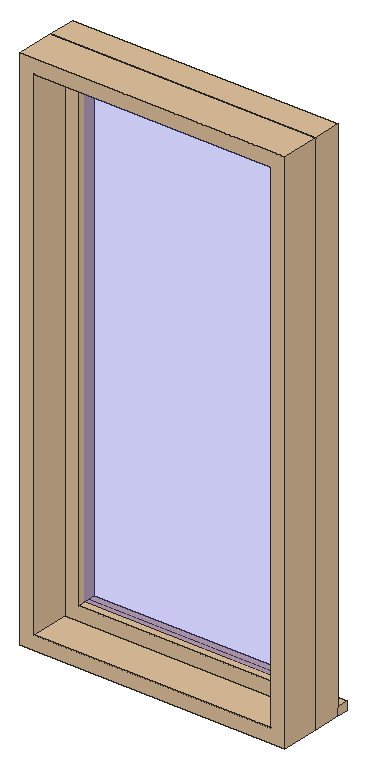
Revit family
Parameters (values of type "0610 x 1220mm")
  유리 창 재료 = 유리
  Height [instance] = 1220.00 mm
  섀시 재료 = 섀시
  기본 씰 높이 = 915.00 mm
  Wall Closure = (empty or 0)
  Width [instance] = 610.00 mm
  창 인세트 = 19.00 mm
Types (4, lengths in mm): name | Height | 기본 씰 높이 | Width
  (no name) | 1220.00 | 915.00 | 610.00
  0610 x 1220mm | 1220.00 | 915.00 | 610.00
  0406 x 610mm | 610.00 | 915.00 | 406.00
  0915 x 1830mm | 1830.00 | 305.00 | 915.00
Reference planes
  plane 1: y = 0
  plane 2: z = 0
  plane 3 "중심": x = -38.1
  plane 4 "왼쪽": x = -343.1
  plane 5 "오른쪽": x = 266.9
  plane 6 "씰": z = 915
  plane 7 "상단": z = 2135
  plane 8: y = 76.2
  plane 9: y = -76.2
  plane 10: y = 57.2
  plane 11 "마무리": y = 28.625
Forms (mm)
  Extrusion 1, solid, material "섀시" <- "섀시 재료"
    sketch origin (0, 0, 0) x (1, 0, 0) y (0, 0, 1)
      loop
        line (-343.1, 2135) -> (-343.1, 915) -> (266.9, 915) -> (266.9, 2135) -> (-343.1, 2135)
      loop
        line (-324.05, 2115.95) -> (-324.05, 934.05) -> (247.85, 934.05) -> (247.85, 2115.95) -> (-324.05, 2115.95)
    from -76.2 to -12.75
  Extrusion 2, solid
    sketch origin (0, 0, 0) x (-1, 0, 0) y (0, 0, 1)
      loop
        line (-266.9, 2135) -> (-266.9, 915) -> (343.1, 915) -> (343.1, 2135) -> (-266.9, 2135)
      loop
        line (-235.15, 2103.25) -> (-235.15, 946.75) -> (311.35, 946.75) -> (311.35, 2103.25) -> (-235.15, 2103.25)
    from 12.75 to -76.2
  Extrusion 3, solid, material "섀시" <- "섀시 재료"
    sketch origin (0, 0, 0) x (-1, 0, 0) y (0, 0, 1)
      loop
        line (-247.85, 2115.95) -> (-247.85, 934.05) -> (324.05, 934.05) -> (324.05, 2115.95) -> (-247.85, 2115.95)
      loop
        line (-203.4, 2071.5) -> (-203.4, 978.5) -> (279.6, 978.5) -> (279.6, 2071.5) -> (-203.4, 2071.5)
    from 12.75 to 57.2
  Extrusion 4, solid, material "유리" <- "유리 창 재료"
    sketch origin (-124.971, 0, -117.036) x (1, 0, 0) y (0, 0, 1)
      loop
        line (-154.629, 2188.536) -> (-154.629, 1095.536) -> (328.371, 1095.536) -> (328.371, 2188.536) -> (-154.629, 2188.536)
    from -41.325 to -28.625
  Extrusion 5, solid, material "섀시" <- "섀시 재료"
    sketch origin (0, 0, 0) x (-1, 0, 0) y (0, 0, 1)
      loop
        line (-266.9, 934.05) -> (-266.9, 915) -> (343.1, 915) -> (343.1, 934.05) -> (-266.9, 934.05)
    from 76.2 to 101.6
Lines and regions (mm)
  Opening 1
    outline origin (-1524, -76.2, 0) x (1, 0, 0) y (0, 0, 1)
      loop
        line (1180.9, 2135) -> (1180.9, 915) -> (1790.9, 915) -> (1790.9, 2135) -> (1180.9, 2135)
  symbolic lines, style "WindowsFrameMullionProjection"
    curve 1: line (-343.1, 76.2, 0) -> (-324.05, 76.2, 0)
    curve 2: line (-324.05, 12.75, 0) -> (-324.05, 76.2, 0)
    curve 3: line (-324.05, 12.75, 0) -> (-311.35, 12.75, 0)
    curve 4: line (-311.35, -76.2, 0) -> (-311.35, 12.75, 0)
    curve 5: line (266.9, 76.2, 0) -> (247.85, 76.2, 0)
    curve 6: line (235.15, 12.75, 0) -> (235.15, -76.2, 0)
    curve 7: line (235.15, 12.75, 0) -> (247.85, 12.75, 0)
    curve 8: line (247.85, 12.75, 0) -> (247.85, 76.2, 0)
    curve 9: line (-324.05, 57.2, 0) -> (-279.6, 57.2, 0)
    curve 10: line (-324.05, 57.2, 0) -> (-324.05, 12.75, 0)
    curve 11: line (-324.05, 12.75, 0) -> (-279.6, 12.75, 0)
    curve 12: line (-279.6, 57.2, 0) -> (-279.6, 12.75, 0)
    curve 13: line (247.85, 57.2, 0) -> (203.4, 57.2, 0)
    curve 14: line (247.85, 57.2, 0) -> (247.85, 12.75, 0)
    curve 15: line (247.85, 12.75, 0) -> (203.4, 12.75, 0)
    curve 16: line (203.4, 57.2, 0) -> (203.4, 12.75, 0)
    curve 18: line (-311.35, -76.2, 0) -> (-343.1, -76.2, 0)
    curve 19: line (235.15, -76.2, 0) -> (266.9, -76.2, 0)
  symbolic lines, style "WindowsGlassProjection"
    curve 17: line (-279.6, 34.975, 0) -> (203.4, 34.975, 0)
Text (mm)
  text "외부" at (-1186.152, 579.219, 0), in view "바닥 선"
  text "내부" at (-1186.152, -450.135, 0), in view "바닥 선"
  text "외부" at (0, 1486.397, 2483.789), in view "왼쪽"
  text "외부" at (0, 464.664, 3176.206), in view "오른쪽"
Dimensions and locks
  equal spacing: plane 4 "왼쪽", plane 3 "중심", plane 5 "오른쪽"
  "Width": plane 4 "왼쪽" to plane 5 "오른쪽"
  "기본 씰 높이": plane 2 to plane 6 "씰"
  "창 인세트": plane 8 to plane 10
  locked: plane 10 to Extrusion 3 at 44.45
  locked: plane 10 to Extrusion 4 at 15.875
  locked: Extrusion 4 to Extrusion 4 at 12.7
  locked: Extrusion 5 sketch curve to Extrusion 1 at 19.05
  "Height": plane 6 "씰" to plane 7 "상단"
  locked: Extrusion 5 to Extrusion 1 at 25.4
  locked: plane 11 "마무리" to plane 8 at 47.575
  aligned and locked: plane 7 "상단" to Opening 1 sketch curve
  aligned and locked: plane 6 "씰" to Opening 1 sketch curve  (x2)
  aligned and locked: plane 5 "오른쪽" to Opening 1 sketch curve
  aligned and locked: plane 4 "왼쪽" to Opening 1 sketch curve
  aligned and locked: plane 9 to host wall
  aligned and locked: host wall to Extrusion 2
  aligned and locked: plane 10 to Extrusion 3
  aligned and locked: plane 8 to host wall
  aligned and locked: host wall to Extrusion 1
  aligned and locked: Extrusion 2 to Extrusion 1
  aligned and locked: Extrusion 1 to Extrusion 3
  aligned and locked: Extrusion 4 sketch curve to Extrusion 3  (x4)
  aligned and locked: curve 5 to Extrusion 1  (x2)
  aligned and locked: curve 6 to Extrusion 2
  aligned and locked: curve 4 to Extrusion 2
  aligned and locked: curve 16 to Extrusion 3
  aligned and locked: Extrusion 1 to curve 11
  aligned and locked: Extrusion 1 to curve 7
  aligned and locked: Extrusion 5 to host wall
Automatic sketch dimensions
  Extrusion 1 sketch curve to plane 4 "왼쪽" = 0.00 mm
  Extrusion 1 sketch curve to plane 5 "오른쪽" = 0.00 mm
  Extrusion 1 sketch curve to plane 4 "왼쪽" = 19.05 mm
  plane 5 "오른쪽" to Extrusion 1 sketch curve = 19.05 mm
  Extrusion 1 sketch curve to plane 6 "씰" = 0.00 mm
  Extrusion 1 sketch curve to plane 7 "상단" = 0.00 mm
  Extrusion 1 sketch curve to plane 6 "씰" = 19.05 mm
  plane 7 "상단" to Extrusion 1 sketch curve = 19.05 mm
  Extrusion 2 sketch curve to plane 5 "오른쪽" = 0.00 mm
  Extrusion 2 sketch curve to plane 4 "왼쪽" = 0.00 mm
  plane 5 "오른쪽" to Extrusion 2 sketch curve = 31.75 mm
  Extrusion 2 sketch curve to plane 4 "왼쪽" = 31.75 mm
  Extrusion 2 sketch curve to plane 6 "씰" = 0.00 mm
  Extrusion 2 sketch curve to plane 7 "상단" = 0.00 mm
  Extrusion 2 sketch curve to plane 6 "씰" = 31.75 mm
  plane 7 "상단" to Extrusion 2 sketch curve = 31.75 mm
  plane 5 "오른쪽" to Extrusion 3 sketch curve = 19.05 mm
  plane 5 "오른쪽" to Extrusion 3 sketch curve = 63.50 mm
  Extrusion 3 sketch curve to plane 4 "왼쪽" = 63.50 mm
  Extrusion 3 sketch curve to plane 4 "왼쪽" = 19.05 mm
  Extrusion 3 sketch curve to plane 6 "씰" = 19.05 mm
  Extrusion 3 sketch curve to plane 6 "씰" = 63.50 mm
  plane 7 "상단" to Extrusion 3 sketch curve = 63.50 mm
  plane 7 "상단" to Extrusion 3 sketch curve = 19.05 mm
  curve 18 to plane 4 "왼쪽" = 0.00 mm
  curve 1 to plane 4 "왼쪽" = 0.00 mm
  curve 2 to plane 8 = 0.00 mm
  curve 10 to plane 10 = 0.00 mm
  curve 13 to plane 10 = 0.00 mm
  curve 19 to plane 5 "오른쪽" = 0.00 mm
  curve 1 to curve 2 = 19.05 mm
  curve 9 to curve 12 = 44.45 mm
  plane 5 "오른쪽" to curve 13 = 19.05 mm
  curve 19 to plane 9 = 0.00 mm
  curve 4 to plane 9 = 0.00 mm
  curve 11 to curve 17 = 22.225 mm
  Extrusion 5 sketch curve to plane 5 "오른쪽" = 0.00 mm
  Extrusion 5 sketch curve to plane 4 "왼쪽" = 0.00 mm
  Extrusion 5 sketch curve to plane 6 "씰" = 19.05 mm
